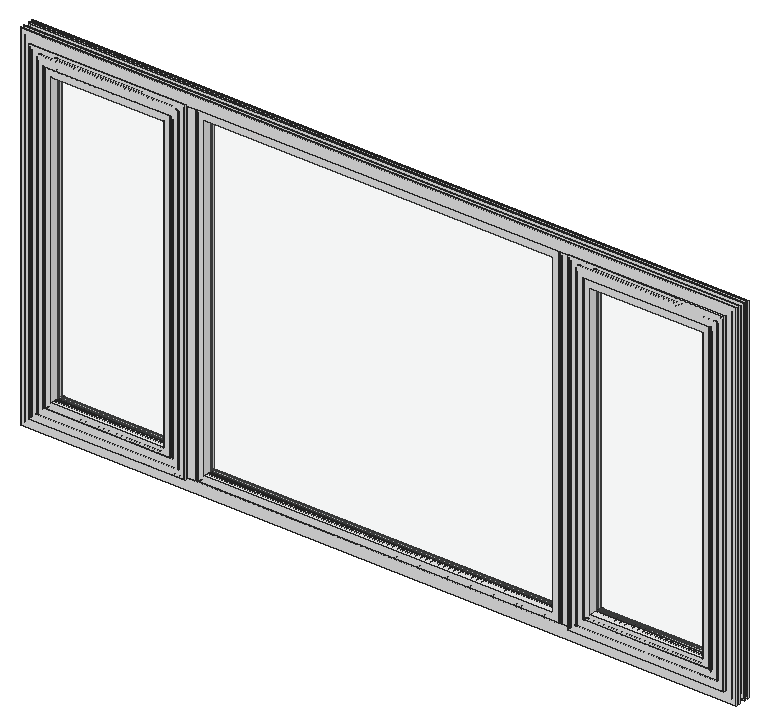
Revit family "Serene_T&T_Window_C_Standard", category Windows, host Wall, Revit 2014
Parameters (values of type "52TT-2412SS-2000Pa")
  Windload Design = if(Custom Windload < 1001 mm, 1000 mm, if(Custom Windload < 1501 mm, 1500 mm, 2000 mm))  # 2000 mm
  Width Sash [instance] = 522 mm
  Width = if(Custom Window Width > Limit Window Width Max, Limit Window Width Max, if(Custom Window Width < Limit Window Width Min, Limit Window Width Min, Custom Window Width))  # 2390 mm
  Wall Thickness [instance] = 200 mm
  URL = "http://www.crealco.co.za/crealco-products.php"
  Thermal Resistance (R) [instance] = if(IGDB or SAGDB Number = 1000015, 1.0000 (m²·K)/W / Clearvue U Value, if(IGDB or SAGDB Number = 9922, 1.0000 (m²·K)/W / Energy Advantage U Value, if(IGDB or SAGDB Number = 100100, 1.0000 (m²·K)/W / Intruderprufe U Value, if(IGDB or SAGDB Number = 103200, 1.0000 (m²·K)/W / Intruderprufe LowE U Value, if(IGDB or SAGDB Number = 105001, 1.0000 (m²·K)/W / Clearvue Insulated U Value, if(IGDB or SAGDB Number = 105002, 1.0000 (m²·K)/W / Clearvue Insulated LowE U Value, 1.0000 (m²·K)/W / 7.9)))))) * 1  # 0.126582 (m²·K)/W
  Solar Heat Gain Coefficient [instance] = if(IGDB or SAGDB Number = 1000015, Clearvue SHGC Value, if(IGDB or SAGDB Number = 9922, Energy Advantage SHGC Value, if(IGDB or SAGDB Number = 100100, Intruderprufe SHGC Value, if(IGDB or SAGDB Number = 103200, Intruderprufe LowE SHGC Value, if(IGDB or SAGDB Number = 105001, Clearvue Insulated SHGC Value, if(IGDB or SAGDB Number = 105002, Clearvue Insulated LowE SHGC Value, 0))))))  # 0
  Sash Width = if(Custom Sash Width > Limit Sash Width Max, Limit Sash Width Max, if(Custom Sash Width < Limit Sash Width Min, Limit Sash Width Min, Custom Sash Width))  # 522 mm
  Sash Overlap = 28 mm  # constant formula
  Sash Height = Height - (2 * Sash Edge Gap)  # 1122 mm
  Sash Frame Gasket = 3.4 mm  # constant formula
  Sash Edge Gap = 34 mm  # constant formula
  Overall Width [instance] = 2390 mm
  Overall Height [instance] = 1190 mm
  Mullion Side Spacing = Sash Edge Gap + Sash Width - Sash Overlap  # 528 mm
  Max System DG Unit Thickness = 20 mm  # constant formula
  Max System DG One Piece Thickness = rounddown((Max System DG Unit Thickness - 12 mm) / 2 mm) * 1 mm  # 4 mm
  Max Pane Area = if(Area Glazing Sash > Area Glazing Fixed Panel, Area Glazing Sash, Area Glazing Fixed Panel)  # 1.32088 m²
  Limit Fixed Panel Width Max = 1800 mm  # constant formula
  Limit Fixed Pane Height Min = 200 mm  # constant formula
  Intruderprufe U Value = 6.16
  Intruderprufe SHGC Value = 0.513
  Intruderprufe LowE U Value = 4.58
  Intruderprufe LowE SHGC Value = 0.455
  IGDB or SAGDB Number [instance] = 0
  Height Sash [instance] = 1122 mm
  Height = if(Custom Window Height > Limit Window Height Max, Limit Window Height Max, if(Custom Window Height < Limit Window Height Min, Limit Window Height Min, Custom Window Height))  # 1190 mm
  Heat Transfer Coefficient (U) [instance] = if(IGDB or SAGDB Number = 1000015, Clearvue U Value, if(IGDB or SAGDB Number = 9922, Energy Advantage U Value, if(IGDB or SAGDB Number = 100100, Intruderprufe U Value, if(IGDB or SAGDB Number = 103200, Intruderprufe LowE U Value, if(IGDB or SAGDB Number = 105001, Clearvue Insulated U Value, if(IGDB or SAGDB Number = 105002, Clearvue Insulated LowE U Value, 7.9)))))) * 1.0000 W/(m²·K)  # 7.9000 W/(m²·K)
  Glazing Material [instance] = if(IGDB or SAGDB Number = 1000015, "PFG CLEARVUE 4mm", if(IGDB or SAGDB Number = 9922, "PFG ENERGY ADVANTAGE 4mm LOW-E", if(IGDB or SAGDB Number = 100100, "PFG INTRUDERPRUFE 6.38mm", if(IGDB or SAGDB Number = 103200, "PFG INTRUDERPRUFE LOW-E 7.38mm", if(IGDB or SAGDB Number = 105001, "PFG 20mm CLEARVUE INSULATED GLASS", if(IGDB or SAGDB Number = 105002, "PFG 20mm CLEARVUE INSULATED GLASS LOW-E", "Unknown"))))))  # "Unknown"
  Glazing Code [instance] = if(IGDB or SAGDB Number = 1000015, "CF4", if(IGDB or SAGDB Number = 9922, "CF4E", if(IGDB or SAGDB Number = 100100, "LAM01", if(IGDB or SAGDB Number = 103200, "LAM01E", if(IGDB or SAGDB Number = 105001, "IGU20", if(IGDB or SAGDB Number = 105002, "IGU20E", "Unknown"))))))  # "Unknown"
  Frame Width = 62 mm  # constant formula
  Frame Thickness = 52 mm  # constant formula
  Frame Offset From Exterior [instance] = if(Centered In Wall, (Wall Thickness - Frame Thickness) / 2, Custom Window Exterior Offset)  # 74 mm
  Fixed Panel Width = Width - (2 * Sash Width) - (2 * Sash Edge Gap) - (33.6 mm * 2)  # 1210.8 mm
  Fixed Panel Height = Height - (2 mm * 40)  # 1110 mm
  Energy Advantage U Value = 5.31
  Energy Advantage SHGC Value = 0.497
  DG Thickness Calc = if(not(Max Pane Area > 1.125 m²), 4 mm, if(not(Max Pane Area > 2.25 m²), 4 mm, if(not(Max Pane Area > 3.15 m²), 5 mm, if(not(Max Pane Area > 4.35 m²), 6 mm, if(not(Max Pane Area > 6.45 m²), 8 mm, 10 mm)))))  # 4 mm
  DG Thickness [instance] = if(IGDB or SAGDB Number = 105001, 4 mm, if(IGDB or SAGDB Number = 105002, 4 mm, if(DG Thickness Calc > Max System DG One Piece Thickness, Max System DG One Piece Thickness, DG Thickness Calc)))  # 4 mm
  DG Gasket Tickness = 12 mm  # constant formula
  Custom Window Width = 2390 mm
  Custom Window Height = 1190 mm
  Custom Window Exterior Offset = 0 mm
  Custom Windload = 2000 mm
  Custom Sash Width = 522 mm
  Single Glazing [instance] = not(Double Glazing)  # yes
  SG Thickness [instance] = if(IGDB or SAGDB Number = 1000015, 4 mm, if(IGDB or SAGDB Number = 9922, 4 mm, if(IGDB or SAGDB Number = 100100, 6 mm, if(IGDB or SAGDB Number = 103200, 7 mm, if(not(Max Pane Area > 0.75 m²), 4 mm, if(not(Max Pane Area > 1.50 m²), 4 mm, if(not(Max Pane Area > 2.10 m²), 5 mm, if(not(Max Pane Area > 2.90 m²), 6.4 mm, if(not(Max Pane Area > 4.30 m²), 8 mm, 10 mm)))))))))  # 4 mm
  Model = "Serene"  # constant formula
  Manufacturer = "Crealco"  # constant formula
  Limit Window Width Min = Limit Fixed Panel Width Min + (2 * Sash Width) + (2 * Sash Edge Gap) + (2 mm * 33.6)  # 1379.2 mm
  Limit Window Width Max = Limit Fixed Panel Width Max + (2 * Sash Width) + (2 * Sash Edge Gap) + (2 mm * 33.6)  # 2979.2 mm
  Limit Window Height Min = Limit Sash Height Min + (2 * Sash Edge Gap)  # 368 mm
  Limit Window Height Max = Limit Sash Height Max + (2 * Sash Edge Gap)  # 1568 mm
  Limit Sash Width Min = 300 mm  # constant formula
  Limit Sash Width Max = 700 mm  # constant formula
  Limit Sash Height Min = 300 mm  # constant formula
  Limit Sash Height Max = 1500 mm  # constant formula
  Limit Fixed Panel Width Min = 200 mm  # constant formula
  Length Mullion = Height - (2 mm * 40)  # 1110 mm
  Glazing Finish [instance] = Glass
  Double Glazing [instance] = no
  Description = "Tilt and turn window, Type C"  # constant formula
  Default Sill Height = 800 mm
  Wall Closure = By host
  DG Gasket Finish = Double Glazing Gasket Material
  Clearvue U Value = 6.28
  Clearvue SHGC Value = 0.553
  Clearvue Insulated U Value = 4.27
  Clearvue Insulated SHGC Value = 0.4889
  Clearvue Insulated LowE U Value = 3.81
  Clearvue Insulated LowE SHGC Value = 0.446
  Centered In Wall = yes
  Area Glazing Sash = (Sash Width - (2 mm * 50.2)) * (Sash Height - (2 mm * 50.2))  # 0.430707 m²
  Area Glazing Fixed Panel = (Fixed Panel Width - 10 mm) * (Fixed Panel Height - 10 mm)  # 1.32088 m²
  Aluminium Finish [instance] = White Powder Coated Aluminium
  All Available Glazing Numbers [instance] = "The rows below list the available glazing materials for this window:"  # constant formula
  9922 [instance] = "CF4E"  # constant formula
  105002 [instance] = "IGU20E"  # constant formula
  105001 [instance] = "IGU20"  # constant formula
  103200 [instance] = "LAM01E"  # constant formula
  100100 [instance] = "LAM01"  # constant formula
  1000015 [instance] = "CF4"  # constant formula
Reference planes
  plane 1 "Center (Front/Back)": y = 0
  plane 2 "Center (Left/Right)": x = 0
  plane 3 "Left": x = -1195
  plane 4 "Right": x = 1195
  plane 5 "Sill": z = 800
  plane 6 "Head": z = 1990
  plane 7 "Exterior": y = 100
  plane 8 "Interior": y = -100
  plane 9: y = 0
Lines and regions (mm)
  Opening 1
    outline origin (3500, -100, 0) x (1, 0, 0) y (0, 0, 1)
      loop
        line (-2305, 800) -> (-2305, 1990) -> (-4695, 1990) -> (-4695, 800) -> (-2305, 800)
Text (mm)
  text "EXTERIOR" at (-1963.203, 1332.353, 0), in view "Ref. Level"
  text "INTERIOR" at (-1981.466, -818.386, 0), in view "Ref. Level"
  text "Exterior" at (0, 923.751, 2943.296), in view "Right"
  text "Exterior" at (0, 1040.484, 2685.409), in view "Left"
Dimensions and locks
  equal spacing: plane 3 "Left", plane 2 "Center (Left/Right)", plane 4 "Right"
  "Width": plane 3 "Left" to plane 4 "Right"
  "Height": plane 5 "Sill" to plane 6 "Head"
  "Default Sill Height": plane 5 "Sill" to level
  locked: plane 7 "Exterior" to host wall at 0
  locked: plane 8 "Interior" to host wall
  "Overall Height": plane 5 "Sill" to plane 6 "Head"
  "Overall Width": plane 3 "Left" to plane 4 "Right"
  "Frame Offset From Exterior": nested 1 to plane 7 "Exterior"
  "Wall Thickness": host wall to host wall
  "Sash Edge Gap": plane 6 "Head" to nested 3
  "Sash Frame Gasket": nested 3 to nested 1
  "Sash Edge Gap": nested 3 to plane 4 "Right"
  "Width Sash": nested 3 to nested 3
  "Height Sash": nested 3 to nested 3
  "Sash Edge Gap": plane 3 "Left" to nested 6
  "Sash Frame Gasket": nested 6 to nested 1
  "Sash Edge Gap": plane 5 "Sill" to nested 6
  aligned and locked: plane 9 to host wall
  aligned and locked: nested 1 to plane 4 "Right"
  aligned and locked: nested 1 to plane 6 "Head"
  aligned and locked: nested 2 to nested 1
  aligned and locked: nested 1 to nested 4
  aligned and locked: nested 4 to nested 1
  aligned and locked: nested 4 to nested 2
  aligned and locked: nested 1 to nested 5
  aligned and locked: nested 5 to nested 4
  aligned and locked: nested 2 to nested 5
  aligned and locked: nested 2 to nested 3
Automatic sketch dimensions
  Opening 1 sketch curve to plane 3 "Left" = 0 mm
  Opening 1 sketch curve to plane 4 "Right" = 0 mm
  Opening 1 sketch curve to plane 5 "Sill" = 0 mm
  Opening 1 sketch curve to plane 6 "Head" = 0 mm
Nested families
  nested 1: "Serene_Frame_Rounded_Ext_52mm_C_Std" at (-1195, -26, 800), Frame Width <- "Width", Frame Height <- "Height", Profile Material <- "Aluminium Finish", type "Serene_Frame_Rounded_Ext_52mm_C_Std"
    with Profile Material White Powder Coated Aluminium, Frame Width 2390 mm, Frame Height 1190 mm
  nested 2: "Serene_Mullion_44mm_Flat_C_Std" at (672.15, -33.553, 840) x (0, 1, 0) z (0, 0, 1), Length Mullion <- "Length Mullion", Profile Material <- "Aluminium Finish", type "Serene_Mullion_44mm_Flat_C_Std"
    with Profile Material White Powder Coated Aluminium, Length Mullion 1110 mm
  nested 3: "Serene_Sash_Open_In_72mm_C_Std" at (1161, -32.8, 834) x (-1, 0, 0) z (0, 0, 1), Profile Material <- "Aluminium Finish", Glazing Material <- "Glazing Finish", Double Glazing Gasket Material <- "DG Gasket Finish", Width Sash <- "Sash Width", Height Sash <- "Sash Height", SG Glazing Thickness <- "SG Thickness", DG Glazing Thickness <- "DG Thickness", DG Gasket Thickness <- "DG Gasket Tickness", Double Glazing <- "Double Glazing", Single Glazing <- "Single Glazing", type "Serene_Sash_Open_In_72mm_C_Std"
    with Width Sash 522 mm, Width Bead 422 mm, Tilt yes, Single Glazing yes, SG Offset 32.25 mm, SG Glazing Thickness 4 mm, Right Hinged yes, Profile Material White Powder Coated Aluminium, Left Hinged no, Height Sash 1122 mm, Height Bead 1022 mm, Glazing Width 421.6 mm, Glazing Material Glass, Glazing Height 1021.6 mm, Double Glazing Gasket Material Double Glazing Gasket Material, Double Glazing no, DG Offset 18.75 mm, DG Glazing Thickness 4 mm, DG Gasket Thickness 12 mm
  nested 4: "Serene_Fixed_Panel_C_Std" at (-605.4, -26, 840), Profile Material <- "Aluminium Finish", Glazing Material <- "Glazing Finish", Double Glazing Gasket Material <- "DG Gasket Finish", SG Thickness <- "SG Thickness", Fixed Panel Width <- "Fixed Panel Width", Fixed Panel Height <- "Fixed Panel Height", DG Thickness <- "DG Thickness", Single Glazing <- "Single Glazing", Double Glazing <- "Double Glazing", type "Serene_Fixed_Panel_C_Std"
    with Single Glazing yes, SG Thickness 4 mm, SG Space Available 13 mm, SG Offset 4.5 mm, Profile Material White Powder Coated Aluminium, Glazing Width 1200.8 mm, Glazing Material Glass, Glazing Height 1100 mm, Fixed Panel Width 1210.8 mm, Fixed Panel Height 1110 mm, Double Glazing Gasket Material Double Glazing Gasket Material, Double Glazing no, DG Thickness 4 mm, DG Space Available 24 mm, DG Offset 2 mm, DG Gasket Thickness 12 mm
  nested 5: "Serene_Mullion_44mm_Flat_C_Std" at (-578.651, -33.553, 840) x (0, 1, 0) z (0, 0, 1), Length Mullion <- "Length Mullion", Profile Material <- "Aluminium Finish", type "Serene_Mullion_44mm_Flat_C_Std"
    with Profile Material White Powder Coated Aluminium, Length Mullion 1110 mm
  nested 6: "Serene_Sash_Open_In_72mm_C_Std" at (-639, -32.8, 834) x (-1, 0, 0) z (0, 0, 1), Profile Material <- "Aluminium Finish", Glazing Material <- "Glazing Finish", Double Glazing Gasket Material <- "DG Gasket Finish", Width Sash <- "Sash Width", Height Sash <- "Sash Height", SG Glazing Thickness <- "SG Thickness", DG Glazing Thickness <- "DG Thickness", DG Gasket Thickness <- "DG Gasket Tickness", Double Glazing <- "Double Glazing", Single Glazing <- "Single Glazing", type "Serene_Sash_Open_In_72mm_C_Std"
    with Width Sash 522 mm, Width Bead 422 mm, Tilt yes, Single Glazing yes, SG Offset 32.25 mm, SG Glazing Thickness 4 mm, Right Hinged no, Profile Material White Powder Coated Aluminium, Left Hinged yes, Height Sash 1122 mm, Height Bead 1022 mm, Glazing Width 421.6 mm, Glazing Material Glass, Glazing Height 1021.6 mm, Double Glazing Gasket Material Double Glazing Gasket Material, Double Glazing no, DG Offset 18.75 mm, DG Glazing Thickness 4 mm, DG Gasket Thickness 12 mm
  nested 7: "Serene_Single_Glazing_Tilt_&_Turn_C_Std" at (1110.8, 3.45, 884.2), type "Serene_Single_Glazing_Tilt_&_Turn_C_Std"
    with Tilt yes, Right Hinged yes, Left Hinged no, Half Width 210.8 mm, Half Height 510.8 mm, Glazing Width 421.6 mm, Glazing Thickness SG 4 mm, Glazing Material Glass, Glazing Height 1021.6 mm
  nested 8: "Serene_Single_Glazing_Fixed_C_Std" at (600.4, 10, 845), type "Serene_Single_Glazing_Fixed_C_Std"
    with Glazing Width 1200.8 mm, Glazing Thickness SG 4 mm, Glazing Material Glass, Glazing Height 1100 mm
  nested 9: "Serene_Single_Glazing_Tilt_&_Turn_C_Std" at (-689.2, 3.45, 884.2), type "Serene_Single_Glazing_Tilt_&_Turn_C_Std"
    with Tilt yes, Right Hinged no, Left Hinged yes, Half Width 210.8 mm, Half Height 510.8 mm, Glazing Width 421.6 mm, Glazing Thickness SG 4 mm, Glazing Material Glass, Glazing Height 1021.6 mm
Definition of nested family "Serene_Frame_Rounded_Ext_52mm_C_Std"
  Parameters (values of type "Serene_Frame_Rounded_Ext_52mm")
    Profile Material [instance] = none
    Frame Width [instance] = 600 mm
    Frame Height [instance] = 900 mm
  Reference planes
    plane 1 "Center (Front/Back)": y = 0
    plane 2: z = 0
    plane 3 "Center (Left/Right)": x = 0
  Forms (mm)
    Sweep 1, solid, material <- "Profile Material"
      path origin (0, 0, 0) x (1, 0, 0) y (0, 0, 1)
        loop
          line (0, 0) -> (600, 0) -> (600, 900) -> (0, 900) -> (0, 0)
      profile origin (300, 0, 0) x (0, 0, 1) y (0, -1, 0)
        loop
          line (32.05, -9) -> (32.05, -8) -> (33.7, -8) -> (33.7, -1.3) -> (15.1, -1.3) -> (15.1, -8) -> (16.75, -8) -> (16.75, -9) -> (15.1, -9) -> (15.1, -42.5) -> (16.75, -42.5) -> (16.75, -43.5) -> (15.1, -43.5) -> (15.1, -50.7) -> (33.7, -50.7) -> (33.7, -43.5) -> (32.05, -43.5) -> (32.05, -42.5) -> (33.7, -42.5) -> (33.7, -9) -> (32.05, -9)
        loop
          arc (52.4, -49.7) -> (52.107, -48.993) -> (51.4, -48.7) r 1
          line (51.4, -48.7) -> (50.4, -48.7)
          arc (50.4, -48.7) -> (49.9, -49.2) -> (50.4, -49.7) r 0.5
          line (50.4, -49.7) -> (51.2, -49.7) -> (51.2, -50.7) -> (35, -50.7) -> (35, -49.7) -> (36, -49.7)
          arc (36, -49.7) -> (36.5, -49.2) -> (36, -48.7) r 0.5
          line (36, -48.7) -> (35, -48.7) -> (35, -35.9) -> (40, -35.9) -> (40, -32.956) -> (38.5, -31.79) -> (38.5, -34.6) -> (35, -34.6) -> (35, -21.1) -> (38.5, -21.1) -> (38.5, -26.41) -> (40, -25.244) -> (40, -18.807) -> (38, -17.818) -> (38, -19.5) -> (35, -19.5) -> (35, -1.5) -> (38, -1.5) -> (38, -4.182) -> (40, -3.193) -> (40, 0) -> (0, 0) -> (0, -2.7) -> (1.3, -2.7) -> (1.3, -1.5) -> (13.8, -1.5) -> (13.8, -13.05) -> (0, -13.05) -> (0, -16.05) -> (1.3, -16.05) -> (1.3, -14.35) -> (13.8, -14.35) -> (13.8, -37.65) -> (1.3, -37.65) -> (1.3, -35.95) -> (0, -35.95) -> (0, -38.95) -> (13.8, -38.95) -> (13.8, -50.5) -> (1.3, -50.5) -> (1.3, -49.3) -> (0, -49.3) -> (0, -52) -> (58, -52)
          arc (58, -52) -> (60.828, -50.828) -> (62, -48) r 4
          line (62, -48) -> (62, -40.5) -> (59.5, -40.5) -> (59.5, -41.7) -> (60.7, -41.7) -> (60.7, -43.7) -> (55.5, -43.7) -> (55.5, -41.7) -> (56.7, -41.7) -> (56.7, -40.5) -> (54.2, -40.5) -> (54.2, -44)
          arc (54.2, -44) -> (54.493, -44.707) -> (55.2, -45) r 1
          line (55.2, -45) -> (60.7, -45) -> (60.7, -48)
          arc (60.7, -48) -> (59.909, -49.909) -> (58, -50.7) r 2.7
          line (58, -50.7) -> (52.4, -50.7) -> (52.4, -49.7)
  Lines and regions (mm)
    model lines, style "GenericModel"
      curve 1: line (600, 52, 900) -> (541.992, 52, 841.992)
      curve 2: line (0, 52, 900) -> (58.006, 52, 841.994)
      curve 3: line (0, 52, 0) -> (58.008, 52, 58.008)
      curve 4: line (600, 52, 0) -> (541.992, 52, 58.008)
      curve 5: line (0, 0, 900) -> (40, 0, 860)
      curve 6: line (600, 0, 900) -> (560, 0, 860)
      curve 7: line (600, 0, 0) -> (560, 0, 40)
      curve 8: line (0, 0, 0) -> (40, 0, 40)
  Dimensions and locks
    "Frame Width": Sweep 1 sketch curve to Sweep 1 sketch curve
    "Frame Height": Sweep 1 sketch curve to Sweep 1 sketch curve
    aligned and locked: level to plane 2
  Automatic sketch dimensions
    Sweep 1 sketch curve to Sweep 1 sketch curve = 0 mm  (x9)
    Sweep 1 sketch curve to profile plane = 0 mm  (x4)
    Sweep 1 sketch curve to Sweep 1 sketch curve = 1.3 mm  (x13)
    Sweep 1 sketch curve to Sweep 1 sketch curve = 12.5 mm  (x2)
    Sweep 1 sketch curve to Sweep 1 sketch curve = 1.65 mm  (x4)
    Sweep 1 sketch curve to Sweep 1 sketch curve = 15.3 mm  (x2)
    Sweep 1 sketch curve to Sweep 1 sketch curve = 1 mm  (x10)
    Sweep 1 sketch curve to Sweep 1 sketch curve = 3 mm  (x3)
    Sweep 1 sketch curve to Sweep 1 sketch curve = 0.5 mm  (x2)
    Sweep 1 sketch curve to Sweep 1 sketch curve = 3.5 mm
    Sweep 1 sketch curve to Sweep 1 sketch curve = 2 mm  (x3)
    Sweep 1 sketch curve to Sweep 1 sketch curve = 1.5 mm  (x3)
    Sweep 1 sketch curve to Sweep 1 sketch curve = 14.4 mm
    Sweep 1 sketch curve to Sweep 1 sketch curve = 0.8 mm
    Sweep 1 sketch curve to Sweep 1 sketch curve = 0.2 mm  (x3)
    Sweep 1 sketch curve to Sweep 1 sketch curve = 2.8 mm  (x3)
    Sweep 1 sketch curve to Sweep 1 sketch curve = 0.3 mm
    Sweep 1 sketch curve to Sweep 1 sketch curve = 1.2 mm  (x6)
    Sweep 1 sketch curve to plane 1 "Center (Front/Back)" = 52 mm
    Sweep 1 sketch curve to Sweep 1 sketch curve = 5.2 mm
    Sweep 1 sketch curve to Sweep 1 sketch curve = 7 mm
    Sweep 1 sketch curve to Sweep 1 sketch curve = 10.35 mm  (x2)
    Sweep 1 sketch curve to Sweep 1 sketch curve = 1.7 mm  (x2)
    Sweep 1 sketch curve to Sweep 1 sketch curve = 6.6 mm
    Sweep 1 sketch curve to Sweep 1 sketch curve = 1.644 mm
    Sweep 1 sketch curve to Sweep 1 sketch curve = 1.167 mm  (x2)
    Sweep 1 sketch curve to Sweep 1 sketch curve = 5.379 mm
    Sweep 1 sketch curve to Sweep 1 sketch curve = 4.144 mm
    Sweep 1 sketch curve to Sweep 1 sketch curve = 1.6 mm
    Sweep 1 sketch curve to Sweep 1 sketch curve = 0.693 mm
    Sweep 1 sketch curve to Sweep 1 sketch curve = 1.682 mm
    Sweep 1 sketch curve to Sweep 1 sketch curve = 19.9 mm
    Sweep 1 sketch curve to Sweep 1 sketch curve = 8.818 mm
    Sweep 1 sketch curve to Sweep 1 sketch curve = 4.05 mm
    Sweep 1 sketch curve to Sweep 1 sketch curve = 3.818 mm
    Sweep 1 sketch curve to Sweep 1 sketch curve = 0.99 mm
    Sweep 1 sketch curve to Sweep 1 sketch curve = 6.5 mm
    Sweep 1 sketch curve to Sweep 1 sketch curve = 1.693 mm
    curve 1 to Sweep 1 = 0 mm
    Sweep 1 to curve 1 = 0 mm
    curve 2 to Sweep 1 = 0 mm  (x2)
    curve 3 to Sweep 1 = 0 mm  (x2)
    curve 4 to Sweep 1 = 0 mm  (x2)
    curve 2 to Sweep 1 = 0.006 mm  (x2)
    curve 3 to Sweep 1 = 0.008 mm  (x2)
    curve 1 to Sweep 1 = 0.008 mm  (x2)
    curve 4 to Sweep 1 = 0.008 mm  (x2)
    curve 5 to Sweep 1 = 0 mm  (x4)
    curve 6 to Sweep 1 = 0 mm  (x4)
    curve 7 to Sweep 1 = 0 mm  (x3)
    Sweep 1 to curve 7 = 0 mm
    curve 8 to Sweep 1 = 0 mm  (x3)
    Sweep 1 to curve 8 = 0 mm
    Sweep 1 sketch curve to plane 3 "Center (Left/Right)" = 0 mm
    Sweep 1 sketch curve to level = 0 mm
Definition of nested family "Serene_Mullion_44mm_Flat_C_Std"
  Parameters (values of type "Serene_Mullion_44mm_Flat")
    Profile Material [instance] = none
    Length Mullion [instance] = 250 mm
    Length Cut = 22 mm
  Reference planes
    plane 1 "Center (Front/Back)": y = 0
    plane 2: z = 0
    plane 3 "Center (Left/Right)": x = 0
  Forms (mm)
    Extrusion 1, solid, material <- "Profile Material"
      sketch origin (0, 0, 0) x (1, 0, 0) y (0, 1, 0)
        loop
          line (9.056, 33.15) -> (50.755, 33.15) -> (50.755, 60.35) -> (9.056, 60.35) -> (9.056, 33.15)
        loop
          line (52.256, 88.75) -> (48.053, 88.75) -> (48.053, 86.25) -> (49.253, 86.25) -> (49.253, 87.45) -> (50.757, 87.45) -> (50.757, 82.25) -> (49.253, 82.25) -> (49.253, 83.45) -> (48.053, 83.45) -> (48.053, 80.95) -> (50.755, 80.95) -> (50.755, 61.75) -> (43.453, 61.75) -> (43.453, 66.75) -> (40.51, 66.75) -> (39.343, 65.25) -> (42.153, 65.25) -> (42.153, 61.75) -> (28.653, 61.75) -> (28.653, 65.25) -> (33.964, 65.25) -> (32.797, 66.75) -> (26.361, 66.75) -> (25.371, 64.75) -> (27.053, 64.75) -> (27.053, 61.75) -> (9.053, 61.75) -> (9.053, 64.75) -> (11.736, 64.75) -> (10.746, 66.75) -> (7.553, 66.75) -> (7.553, 26.749) -> (10.746, 26.749) -> (11.736, 28.749) -> (9.053, 28.749) -> (9.053, 31.749) -> (27.053, 31.749) -> (27.053, 28.749) -> (25.371, 28.749) -> (26.361, 26.749) -> (32.797, 26.749) -> (33.964, 28.249) -> (28.653, 28.249) -> (28.653, 31.749) -> (42.153, 31.749) -> (42.153, 28.249) -> (39.343, 28.249) -> (40.51, 26.749) -> (43.453, 26.749) -> (43.453, 31.749) -> (50.755, 31.749) -> (50.755, 12.55) -> (48.053, 12.55) -> (48.053, 10.05) -> (49.253, 10.05) -> (49.253, 11.25) -> (50.757, 11.25) -> (50.757, 6.05) -> (49.253, 6.05) -> (49.253, 7.25) -> (48.053, 7.25) -> (48.053, 4.75) -> (52.256, 4.75) -> (52.256, 88.75)
      from 0 to 250 <- "Length Mullion"
    Extrusion 2, void
      sketch origin (0, 0, 250) x (0, 1, 0) y (1, 0, 0)
        loop
          line (88.75, 48.053) -> (88.75, 52.256) -> (4.75, 52.256) -> (4.75, 48.053) -> (88.75, 48.053)
      from 0 to 22 <- "Length Cut"
    Extrusion 3, void
      sketch origin (0, 0, 0) x (1, 0, 0) y (0, 1, 0)
        loop
          line (48.053, 4.75) -> (52.256, 4.75) -> (52.256, 88.75) -> (48.053, 88.75) -> (48.053, 4.75)
      from 0 to 22 <- "Length Cut"
  Cuts and joins
    Extrusion 2, Extrusion 3 cuts Extrusion 1
  Dimensions and locks
    aligned and locked: level to plane 2
Definition of nested family "Serene_Sash_Open_In_72mm_C_Std"
  Parameters (values of type "Serene_Sash_Open_In_72mm")
    Width Sash [instance] = 600 mm
    Width Bead [instance] = Width Sash - (Bead Edge Offset * 2)  # 500 mm
    Tilt [instance] = yes
    Single Glazing [instance] = yes
    SG Offset [instance] = Rear Glazing Channel Offset - SG Available Space + ((SG Available Space - SG Glazing Thickness) / 2)  # 32.25 mm
    SG Glazing Thickness [instance] = 4 mm
    SG Available Space = 13.5 mm  # constant formula
    Right Hinged [instance] = yes
    Rear Glazing Channel Offset = 41 mm  # constant formula
    Profile Material [instance] = none
    Left Hinged [instance] = yes
    Height Sash [instance] = 900 mm
    Height Bead [instance] = Height Sash - (Bead Edge Offset * 2)  # 800 mm
    Glazing Width [instance] = Width Sash - (Glazing Edge Offset * 2)  # 499.6 mm
    Glazing Material [instance] = Glass
    Glazing Height [instance] = Height Sash - (Glazing Edge Offset * 2)  # 799.6 mm
    Glazing Edge Offset = 50.2 mm  # constant formula
    Double Glazing Gasket Material [instance] = none
    Double Glazing [instance] = yes
    DG Offset [instance] = Rear Glazing Channel Offset - DG Available Space + ((DG Available Space - DG Gasket Thickness - (2 * DG Glazing Thickness)) / 2)  # 18.75 mm
    DG Glazing Thickness [instance] = 4 mm
    DG Gasket Thickness [instance] = 12 mm
    DG Available Space = 24.5 mm  # constant formula
    Bead Edge Offset = 50 mm  # constant formula
  Reference planes
    plane 1 "Center (Front/Back)": y = 0
    plane 2: z = 0
    plane 3 "Center (Left/Right)": x = 0
  Forms (mm)
    Sweep 1, solid, material <- "Profile Material"
      path origin (0, 0, 0) x (1, 0, 0) y (0, 0, 1)
        loop
          line (0, 0) -> (600, 0) -> (600, 900) -> (0, 900) -> (0, 0)
      profile origin (300, 0, 0) x (0, 0, 1) y (0, -1, 0)
        loop
          line (21.76, 25.1) -> (23.96, 25.1) -> (23.96, 10.1) -> (21.76, 10.1) -> (21.76, 7.4) -> (18.76, 7.4) -> (18.76, 10.524) -> (17.46, 9.224) -> (17.46, 7.1)
          arc (17.46, 7.1) -> (17.753, 6.393) -> (18.46, 6.1) r 1
          line (18.46, 6.1) -> (23.96, 6.1) -> (23.96, 3.4) -> (22.8, 3.4)
          arc (22.8, 3.4) -> (22.3, 2.9) -> (22.8, 2.4) r 0.5
          line (22.8, 2.4) -> (23.96, 2.4) -> (23.96, 1.3) -> (7.7, 1.3) -> (7.7, 2.4) -> (8.5, 2.4) -> (8.5, 3.4) -> (5.3, 3.4) -> (5.3, 2.4) -> (6.6, 2.4) -> (6.6, 1.1) -> (1.2, 1.1) -> (1.2, 2.4) -> (2.5, 2.4) -> (2.5, 3.4) -> (0, 3.4) -> (0, 0) -> (49.96, 0) -> (49.96, 3.18) -> (48.16, 4.22) -> (48.16, 1.5) -> (45.16, 1.5) -> (45.16, 20.1) -> (48.16, 20.1) -> (48.16, 17.88) -> (49.96, 18.92) -> (49.96, 21.6) -> (45.16, 21.6) -> (45.16, 40) -> (37.96, 47) -> (37.96, 50.7) -> (43.96, 50.7) -> (43.96, 49.3)
          arc (43.96, 49.3) -> (44.253, 48.593) -> (44.96, 48.3) r 1
          line (44.96, 48.3) -> (46.21, 48.3)
          arc (46.21, 48.3) -> (46.71, 48.8) -> (46.21, 49.3) r 0.5
          line (46.21, 49.3) -> (44.96, 49.3) -> (44.96, 50.7) -> (61.46, 50.7) -> (61.46, 49.3) -> (60.21, 49.3)
          arc (60.21, 49.3) -> (59.71, 48.8) -> (60.21, 48.3) r 0.5
          line (60.21, 48.3) -> (61.46, 48.3)
          arc (61.46, 48.3) -> (62.167, 48.593) -> (62.46, 49.3) r 1
          line (62.46, 49.3) -> (62.46, 50.7) -> (66.96, 50.7)
          arc (66.96, 50.7) -> (69.576, 49.616) -> (70.66, 47) r 3.7
          line (70.66, 47) -> (70.66, 45.5) -> (64.16, 45.5) -> (64.16, 41) -> (66.66, 41) -> (66.66, 42.2) -> (65.46, 42.2) -> (65.46, 44.2) -> (70.66, 44.2) -> (70.66, 42.2) -> (69.46, 42.2) -> (69.46, 41) -> (71.96, 41) -> (71.96, 47)
          arc (71.96, 47) -> (70.496, 50.536) -> (66.96, 52) r 5
          line (66.96, 52) -> (33.006, 52) -> (33.006, 50.7) -> (34.46, 50.7) -> (36.66, 50.7) -> (36.66, 47.3) -> (26.46, 47.3) -> (23.536, 47.3) -> (24.836, 46) -> (26.96, 46) -> (26.96, 35.2) -> (23.935, 35.2) -> (18.293, 34.246)
          arc (18.293, 34.246) -> (17.696, 33.906) -> (17.46, 33.26) r 1
          line (17.46, 33.26) -> (17.46, 25.976) -> (18.76, 24.676) -> (18.76, 27.3) -> (21.76, 27.3) -> (21.76, 25.1)
        loop
          line (43.86, 33.9) -> (42.16, 33.9) -> (42.16, 35.2) -> (43.86, 35.2) -> (43.86, 39.451) -> (37.124, 46) -> (28.26, 46) -> (28.26, 34.9)
          arc (28.26, 34.9) -> (27.967, 34.193) -> (27.26, 33.9) r 1
          line (27.26, 33.9) -> (24.094, 33.9) -> (18.76, 33.007) -> (18.76, 28.6) -> (22.06, 28.6)
          arc (22.06, 28.6) -> (22.767, 28.307) -> (23.06, 27.6) r 1
          line (23.06, 27.6) -> (23.06, 26.4) -> (24.26, 26.4)
          arc (24.26, 26.4) -> (24.967, 26.107) -> (25.26, 25.4) r 1
          line (25.26, 25.4) -> (25.26, 24.337) -> (25.26, 9.8)
          arc (25.26, 9.8) -> (24.967, 9.093) -> (24.26, 8.8) r 1
          line (24.26, 8.8) -> (23.06, 8.8) -> (23.06, 7.4) -> (24.26, 7.4)
          arc (24.26, 7.4) -> (24.967, 7.107) -> (25.26, 6.4) r 1
          line (25.26, 6.4) -> (25.26, 1.3) -> (43.86, 1.3) -> (43.86, 33.9)
  Lines and regions (mm)
    model lines, style "GenericModel"
      curve 1: line (600, 0, 900) -> (550.04, 0, 850.04)
      curve 2: line (0, 0, 900) -> (49.96, 0, 850.04)
      curve 3: line (0, 0, 0) -> (49.96, 0, 49.96)
      curve 4: line (600, 0, 0) -> (550.04, 0, 49.96)
      curve 5: line (33.953, -50.7, 866.047) -> (66.968, -50.7, 833.032)
      curve 6: line (566.047, -50.7, 866.047) -> (533, -50.7, 833)
      curve 7: line (566.047, -50.7, 33.953) -> (533.032, -50.7, 66.968)
      curve 8: line (33.953, -50.7, 33.953) -> (66.968, -50.7, 66.968)
      curve 9: line (33.006, -52, 866.994) -> (66.968, -52, 833.032)
      curve 10: line (566.994, -52, 866.994) -> (533, -52, 833)
      curve 11: line (33.006, -52, 33.006) -> (66.968, -52, 66.968)
      curve 12: line (566.994, -52, 33.006) -> (533.032, -52, 66.968)
      curve 13: line (23.536, -47.3, 876.464) -> (33.006, -47.3, 866.994)
      curve 14: line (576.464, -47.3, 876.464) -> (566.994, -47.3, 866.994)
      curve 15: line (576.464, -47.3, 23.536) -> (566.994, -47.3, 33.006)
      curve 16: line (23.536, -47.3, 23.536) -> (33.006, -47.3, 33.006)
  Dimensions and locks
    "Width Sash": Sweep 1 sketch curve to Sweep 1 sketch curve
    "Height Sash": Sweep 1 sketch curve to Sweep 1 sketch curve
    "Bead Edge Offset": nested 1 to plane 2
    "Bead Edge Offset": nested 2 to plane 2
    "Bead Edge Offset": plane 3 "Center (Left/Right)" to nested 1
    "Bead Edge Offset": plane 3 "Center (Left/Right)" to nested 2
    "Glazing Edge Offset": plane 3 "Center (Left/Right)" to nested 3
    "Glazing Edge Offset": nested 3 to plane 2
    "SG Offset": nested 3 to plane 1 "Center (Front/Back)"
    "DG Offset": nested 4 to plane 1 "Center (Front/Back)"
    "Glazing Edge Offset": plane 3 "Center (Left/Right)" to nested 4
    "Glazing Edge Offset": nested 4 to level
    aligned and locked: level to plane 2
    aligned and locked: nested 1 to plane 1 "Center (Front/Back)"
    aligned and locked: nested 2 to plane 1 "Center (Front/Back)"
  Automatic sketch dimensions
    curve 1 to Sweep 1 = 0 mm  (x3)
    Sweep 1 to curve 1 = 0 mm
    curve 2 to Sweep 1 = 0 mm  (x3)
    Sweep 1 to curve 2 = 0 mm
    curve 3 to Sweep 1 = 0 mm  (x4)
    curve 4 to Sweep 1 = 0 mm  (x4)
    curve 8 to Sweep 1 = 30.308 mm  (x2)
    curve 5 to Sweep 1 = 30.308 mm  (x2)
    curve 6 to Sweep 1 = 30.34 mm  (x2)
    curve 7 to Sweep 1 = 30.308 mm  (x2)
    Sweep 1 sketch curve to Sweep 1 sketch curve = 0 mm  (x12)
    Sweep 1 sketch curve to plane 1 "Center (Front/Back)" = 0 mm
    profile plane to Sweep 1 sketch curve = 0 mm
    Sweep 1 sketch curve to profile plane = 1.2 mm
    Sweep 1 sketch curve to Sweep 1 sketch curve = 1.3 mm  (x21)
    Sweep 1 sketch curve to Sweep 1 sketch curve = 2.8 mm  (x2)
    Sweep 1 sketch curve to Sweep 1 sketch curve = 1.1 mm  (x2)
    Sweep 1 sketch curve to Sweep 1 sketch curve = 0.8 mm
    Sweep 1 sketch curve to profile plane = 17.46 mm
    Sweep 1 sketch curve to Sweep 1 sketch curve = 8.96 mm
    Sweep 1 sketch curve to Sweep 1 sketch curve = 0.833 mm
    Sweep 1 sketch curve to Sweep 1 sketch curve = 0.167 mm
    Sweep 1 sketch curve to Sweep 1 sketch curve = 1 mm  (x10)
    Sweep 1 sketch curve to Sweep 1 sketch curve = 3 mm  (x4)
    Sweep 1 sketch curve to Sweep 1 sketch curve = 0.3 mm  (x6)
    plane 1 "Center (Front/Back)" to Sweep 1 sketch curve = 3.4 mm
    Sweep 1 sketch curve to Sweep 1 sketch curve = 1.04 mm
    Sweep 1 sketch curve to Sweep 1 sketch curve = 5.242 mm
    Sweep 1 sketch curve to Sweep 1 sketch curve = 5.175 mm
    Sweep 1 sketch curve to Sweep 1 sketch curve = 0.9 mm
    Sweep 1 sketch curve to Sweep 1 sketch curve = 1.16 mm
    Sweep 1 sketch curve to Sweep 1 sketch curve = 0.158 mm
    Sweep 1 sketch curve to Sweep 1 sketch curve = 1.2 mm  (x6)
    Sweep 1 sketch curve to Sweep 1 sketch curve = 1.624 mm
    Sweep 1 sketch curve to Sweep 1 sketch curve = 0.5 mm  (x3)
    Sweep 1 sketch curve to Sweep 1 sketch curve = 4.746 mm
    Sweep 1 sketch curve to Sweep 1 sketch curve = 1.454 mm
    Sweep 1 sketch curve to Sweep 1 sketch curve = 2.2 mm
    Sweep 1 sketch curve to Sweep 1 sketch curve = 0.464 mm
    Sweep 1 sketch curve to Sweep 1 sketch curve = 0.836 mm
    Sweep 1 sketch curve to Sweep 1 sketch curve = 5.036 mm
    plane 1 "Center (Front/Back)" to Sweep 1 sketch curve = 1.3 mm
    Sweep 1 sketch curve to Sweep 1 sketch curve = 18.6 mm
    Sweep 1 sketch curve to Sweep 1 sketch curve = 1.7 mm
    Sweep 1 sketch curve to Sweep 1 sketch curve = 6 mm
    Sweep 1 sketch curve to Sweep 1 sketch curve = 1.25 mm  (x2)
    plane 1 "Center (Front/Back)" to Sweep 1 sketch curve = 17.88 mm
    plane 1 "Center (Front/Back)" to Sweep 1 sketch curve = 18.92 mm
    Sweep 1 sketch curve to Sweep 1 sketch curve = 1.8 mm  (x2)
    Sweep 1 sketch curve to Sweep 1 sketch curve = 14 mm
    Sweep 1 sketch curve to Sweep 1 sketch curve = 2.7 mm  (x2)
    Sweep 1 sketch curve to Sweep 1 sketch curve = 1.5 mm  (x3)
    plane 1 "Center (Front/Back)" to Sweep 1 sketch curve = 1.1 mm
    plane 1 "Center (Front/Back)" to Sweep 1 sketch curve = 1.5 mm
    Sweep 1 sketch curve to Sweep 1 sketch curve = 1.68 mm
    Sweep 1 sketch curve to Sweep 1 sketch curve = 1.039 mm
    Sweep 1 sketch curve to Sweep 1 sketch curve = 1.4 mm  (x2)
    Sweep 1 sketch curve to Sweep 1 sketch curve = 2.124 mm
    Sweep 1 sketch curve to Sweep 1 sketch curve = 2.22 mm
    Sweep 1 sketch curve to Sweep 1 sketch curve = 14.237 mm
    Sweep 1 sketch curve to Sweep 1 sketch curve = 0.339 mm
    Sweep 1 sketch curve to Sweep 1 sketch curve = 0.763 mm
    Sweep 1 sketch curve to Sweep 1 sketch curve = 1.063 mm
    Sweep 1 sketch curve to Sweep 1 sketch curve = 1.324 mm
    Sweep 1 sketch curve to Sweep 1 sketch curve = 4.407 mm
    Sweep 1 sketch curve to Sweep 1 sketch curve = 0.254 mm
    Sweep 1 sketch curve to Sweep 1 sketch curve = 5.3 mm
    Sweep 1 sketch curve to Sweep 1 sketch curve = 12.3 mm
    Sweep 1 sketch curve to Sweep 1 sketch curve = 4.251 mm
    Sweep 1 sketch curve to Sweep 1 sketch curve = 0.549 mm
    Sweep 1 sketch curve to Sweep 1 sketch curve = 2 mm
    Sweep 1 sketch curve to Sweep 1 sketch curve = 10.8 mm
    Sweep 1 sketch curve to Sweep 1 sketch curve = 2.4 mm
    Sweep 1 sketch curve to Sweep 1 sketch curve = 3.4 mm
    curve 5 to Sweep 1 = 0.947 mm  (x2)
    curve 8 to Sweep 1 = 0.947 mm  (x2)
    curve 7 to Sweep 1 = 0.947 mm  (x2)
    curve 6 to Sweep 1 = 0.947 mm  (x2)
    curve 9 to Sweep 1 = 0 mm  (x2)
    curve 10 to Sweep 1 = 0 mm  (x2)
    Sweep 1 to curve 11 = 0 mm
    curve 11 to Sweep 1 = 0 mm
    curve 12 to Sweep 1 = 0 mm  (x2)
    curve 11 to Sweep 1 = 0.008 mm
    curve 9 to Sweep 1 = 0.008 mm  (x2)
    curve 10 to Sweep 1 = 0.04 mm  (x2)
    curve 12 to Sweep 1 = 0.008 mm
    Sweep 1 to curve 12 = 0.008 mm
    Sweep 1 to curve 11 = 0.008 mm
    curve 13 to Sweep 1 = 0 mm  (x2)
    curve 14 to Sweep 1 = 0 mm  (x2)
    curve 15 to Sweep 1 = 0 mm
    Sweep 1 to curve 15 = 0 mm
    curve 16 to Sweep 1 = 0 mm  (x2)
    Sweep 1 to curve 16 = 3.654 mm
    Sweep 1 to curve 13 = 3.654 mm  (x2)
    Sweep 1 to curve 15 = 3.654 mm
    Sweep 1 to curve 14 = 3.654 mm  (x2)
    curve 15 to Sweep 1 = 3.654 mm
    curve 16 to Sweep 1 = 3.654 mm
    Sweep 1 sketch curve to plane 3 "Center (Left/Right)" = 0 mm
    Sweep 1 sketch curve to level = 0 mm
  Nested families
    nested 1: "Serene_Bead_Square_12mm" at (550, 0, 50) x (-1, 0, 0) z (0, 0, 1), visible <- "Single Glazing", Profile Material <- "Profile Material", Width Bead <- "Width Bead", Height Bead <- "Height Bead", type "Serene_Bead_Square_12mm"
      with Width Bead 500 mm, Profile Material none, Height Bead 800 mm
    nested 2: "Serene_Bead_D_Glazing_Square" at (550, 0, 50) x (-1, 0, 0) z (0, 0, 1), Profile Material <- "Profile Material", visible <- "Double Glazing", Width Bead <- "Width Bead", Height Bead <- "Height Bead", type "Serene_Bead_D_Glazing_Square"
      with Width Bead 500 mm, Profile Material none, Height Bead 800 mm
    nested 3: "Serene_Single_Glazing_Tilt_&_Turn_C_Std" at (50.2, -36.25, 50.2) x (-1, 0, 0) z (0, 0, 1), Glazing Width <- "Glazing Width", Glazing Height <- "Glazing Height", visible <- "Single Glazing", Glazing Material <- "Glazing Material", Glazing Thickness SG <- "SG Glazing Thickness", Tilt <- "Tilt", Right Hinged <- "Right Hinged", Left Hinged <- "Left Hinged", type "Serene_Single_Glazing_Tilt_&_Turn_C_Std"
      with Tilt yes, Right Hinged yes, Left Hinged yes, Half Width 249.8 mm, Half Height 399.8 mm, Glazing Width 499.6 mm, Glazing Thickness SG 4 mm, Glazing Material Glass, Glazing Height 799.6 mm
    nested 4: "Serene_Double_Glazing_Tilt_&_Turn_C_Std" at (50.2, -38.75, 50.2) x (-1, 0, 0) z (0, 0, 1), Glazing Width <- "Glazing Width", Glazing Height <- "Glazing Height", Glazing Thickness DG <- "DG Glazing Thickness", Double Glazing Gasket Thickness <- "DG Gasket Thickness", Double Glazing Gasket Material <- "Double Glazing Gasket Material", Glazing Material <- "Glazing Material", visible <- "Double Glazing", Tilt <- "Tilt", Left Hinged <- "Left Hinged", Right Hinged <- "Right Hinged", type "Serene_Double_Glazing_Tilt_&_Turn_C_Std"
      with Tilt yes, Right Hinged yes, Left Hinged yes, Half Width 249.8 mm, Half Height 399.8 mm, Glazing Width 499.6 mm, Glazing Thickness DG 4 mm, Glazing Material Glass, Glazing Height 799.6 mm, Double Glazing Gasket Thickness 12 mm, Double Glazing Gasket Material none
  Definition of nested family "Serene_Bead_Square_12mm"
    Parameters (values of type "Serene_Bead_Square_12mm")
      Profile Material [instance] = none
      Width Bead [instance] = 600 mm
      Height Bead [instance] = 900 mm
    Reference planes
      plane 1 "Center (Front/Back)": y = 0
      plane 2: z = 0
      plane 3 "Center (Left/Right)": x = 0
    Forms (mm)
      Sweep 1, solid, material <- "Profile Material"
        path origin (0, 0, 0) x (1, 0, 0) y (0, 0, 1)
          loop
            line (0, 0) -> (600, 0) -> (600, 900) -> (0, 900) -> (0, 0)
        profile origin (300, 0, 0) x (0, 0, 1) y (0, -1, 0)
          loop
            line (20.8, -26.3) -> (19.6, -26.3) -> (19.6, -27.5) -> (22, -27.5) -> (22, 0) -> (0, 0) -> (0, -1.2) -> (1.2, -1.2) -> (1.2, -4.2) -> (-1.876, -4.2) -> (-1.876, -3.293) -> (-3.909, -4.467)
            arc (-3.909, -4.467) -> (-4.142, -5.029) -> (-3.659, -5.4) r 0.5
            line (-3.659, -5.4) -> (1.4, -5.4)
            arc (1.4, -5.4) -> (2.107, -5.107) -> (2.4, -4.4) r 1
            line (2.4, -4.4) -> (2.4, -1.2) -> (20.8, -1.2) -> (20.8, -16.2) -> (-3.659, -16.2)
            arc (-3.659, -16.2) -> (-4.142, -16.571) -> (-3.909, -17.133) r 0.5
            line (-3.909, -17.133) -> (-1.876, -18.307) -> (-1.876, -17.4) -> (20.8, -17.4) -> (20.8, -23.4) -> (14.6, -23.4) -> (14.6, -27.5) -> (17, -27.5) -> (17, -26.3) -> (15.8, -26.3) -> (15.8, -24.6) -> (20.8, -24.6) -> (20.8, -26.3)
    Lines and regions (mm)
      model lines, style "GenericModel"
        curve 1: line (22, 0, 878) -> (0, 0, 900)
        curve 2: line (578, 0, 878) -> (600, 0, 900)
        curve 3: line (578, 0, 22) -> (600, 0, 0)
        curve 4: line (22, 0, 22) -> (0, 0, 0)
    Dimensions and locks
      "Width Bead": Sweep 1 sketch curve to Sweep 1 sketch curve
      "Height Bead": Sweep 1 sketch curve to Sweep 1 sketch curve
      aligned and locked: level to plane 2
    Automatic sketch dimensions
      profile plane to Sweep 1 sketch curve = 3.909 mm
      Sweep 1 sketch curve to Sweep 1 sketch curve = 0 mm  (x4)
      Sweep 1 sketch curve to Sweep 1 sketch curve = 0.25 mm  (x2)
      Sweep 1 sketch curve to Sweep 1 sketch curve = 1.783 mm  (x2)
      Sweep 1 sketch curve to Sweep 1 sketch curve = 1.876 mm
      Sweep 1 sketch curve to Sweep 1 sketch curve = 3.076 mm
      Sweep 1 sketch curve to Sweep 1 sketch curve = 0.2 mm  (x2)
      Sweep 1 sketch curve to Sweep 1 sketch curve = 1.2 mm  (x9)
      Sweep 1 sketch curve to Sweep 1 sketch curve = 16.476 mm
      Sweep 1 sketch curve to Sweep 1 sketch curve = 2.6 mm
      Sweep 1 sketch curve to plane 1 "Center (Front/Back)" = 27.5 mm
      Sweep 1 sketch curve to Sweep 1 sketch curve = 1.7 mm
      Sweep 1 sketch curve to Sweep 1 sketch curve = 5.093 mm
      Sweep 1 sketch curve to Sweep 1 sketch curve = 6 mm
      Sweep 1 sketch curve to Sweep 1 sketch curve = 0.267 mm
      Sweep 1 sketch curve to Sweep 1 sketch curve = 0.433 mm
      Sweep 1 sketch curve to Sweep 1 sketch curve = 10.8 mm
      Sweep 1 sketch curve to Sweep 1 sketch curve = 0.5 mm
      Sweep 1 sketch curve to Sweep 1 sketch curve = 0.907 mm
      Sweep 1 sketch curve to Sweep 1 sketch curve = 2.093 mm
      Sweep 1 sketch curve to Sweep 1 sketch curve = 15 mm
      curve 1 to Sweep 1 = 0 mm  (x4)
      curve 4 to Sweep 1 = 0 mm  (x3)
      Sweep 1 to curve 4 = 0 mm
      curve 3 to Sweep 1 = 0 mm  (x3)
      curve 2 to Sweep 1 = 0 mm  (x4)
      Sweep 1 to curve 3 = 0 mm
      Sweep 1 sketch curve to plane 3 "Center (Left/Right)" = 0 mm
      Sweep 1 sketch curve to level = 0 mm
  Definition of nested family "Serene_Bead_D_Glazing_Square"
    Parameters (values of type "Serene_Bead_D_Glazing_Square")
      Width Bead [instance] = 900 mm
      Profile Material [instance] = none
      Height Bead [instance] = 1320 mm
    Reference planes
      plane 1 "Center (Front/Back)": y = 0
      plane 2: z = 0
      plane 3 "Center (Left/Right)": x = 0
    Forms (mm)
      Sweep 1, solid, material <- "Profile Material"
        path origin (0, 0, 0) x (1, 0, 0) y (0, 0, 1)
          loop
            line (0, 0) -> (900, 0) -> (900, 1320) -> (0, 1320) -> (0, 0)
        profile origin (450, 0, 0) x (0, 0, 1) y (0, -1, 0)
          loop
            line (22, -16.5) -> (22, 0) -> (0, 0) -> (0, -1.2) -> (1.2, -1.2) -> (1.2, -4.2) -> (-1.876, -4.2) -> (-1.876, -3.293) -> (-3.909, -4.467)
            arc (-3.909, -4.467) -> (-4.142, -5.029) -> (-3.659, -5.4) r 0.5
            line (-3.659, -5.4) -> (1.4, -5.4)
            arc (1.4, -5.4) -> (2.107, -5.107) -> (2.4, -4.4) r 1
            line (2.4, -4.4) -> (2.4, -1.2) -> (20.8, -1.2) -> (20.8, -12.4) -> (14.6, -12.4) -> (0, -16.7) -> (-3.659, -16.7)
            arc (-3.659, -16.7) -> (-4.142, -17.071) -> (-3.909, -17.633) r 0.5
            line (-3.909, -17.633) -> (-1.876, -18.807) -> (-1.876, -17.9) -> (0.173, -17.9) -> (14.6, -13.651) -> (14.6, -16.5) -> (17, -16.5) -> (17, -15.3) -> (15.8, -15.3) -> (15.8, -13.6) -> (20.8, -13.6) -> (20.8, -15.3) -> (19.6, -15.3) -> (19.6, -16.5) -> (22, -16.5)
    Lines and regions (mm)
      model lines, style "GenericModel"
        curve 1: line (22, 0, 1298) -> (0, 0, 1298)
        curve 2: line (878, 0, 1298) -> (900, 0, 1298)
        curve 3: line (878, 0, 22) -> (900, 0, 22)
        curve 4: line (22, 0, 22) -> (0, 0, 22)
    Dimensions and locks
      "Width Bead": Sweep 1 sketch curve to Sweep 1 sketch curve
      "Height Bead": Sweep 1 sketch curve to Sweep 1 sketch curve
      aligned and locked: level to plane 2
    Automatic sketch dimensions
      profile plane to Sweep 1 sketch curve = 3.909 mm  (x2)
      Sweep 1 sketch curve to Sweep 1 sketch curve = 0.25 mm  (x2)
      Sweep 1 sketch curve to Sweep 1 sketch curve = 2.033 mm
      Sweep 1 sketch curve to Sweep 1 sketch curve = 1.783 mm
      Sweep 1 sketch curve to Sweep 1 sketch curve = 1.876 mm  (x2)
      Sweep 1 sketch curve to Sweep 1 sketch curve = 0.173 mm
      Sweep 1 sketch curve to Sweep 1 sketch curve = 1.2 mm  (x9)
      Sweep 1 sketch curve to Sweep 1 sketch curve = 0.2 mm
      Sweep 1 sketch curve to Sweep 1 sketch curve = 12.2 mm
      Sweep 1 sketch curve to Sweep 1 sketch curve = 0 mm  (x4)
      Sweep 1 sketch curve to Sweep 1 sketch curve = 2.6 mm
      Sweep 1 sketch curve to plane 1 "Center (Front/Back)" = 18.807 mm
      Sweep 1 sketch curve to Sweep 1 sketch curve = 0.907 mm  (x2)
      Sweep 1 sketch curve to Sweep 1 sketch curve = 0.267 mm
      Sweep 1 sketch curve to Sweep 1 sketch curve = 0.433 mm
      Sweep 1 sketch curve to plane 1 "Center (Front/Back)" = 16.5 mm
      Sweep 1 sketch curve to Sweep 1 sketch curve = 1.649 mm
      Sweep 1 sketch curve to Sweep 1 sketch curve = 1.7 mm
      Sweep 1 sketch curve to Sweep 1 sketch curve = 1.251 mm
      Sweep 1 sketch curve to Sweep 1 sketch curve = 11.3 mm
      Sweep 1 sketch curve to Sweep 1 sketch curve = 0.5 mm
      Sweep 1 sketch curve to Sweep 1 sketch curve = 0.7 mm
      Sweep 1 sketch curve to Sweep 1 sketch curve = 3 mm
      curve 1 to Sweep 1 = 0 mm  (x3)
      curve 4 to Sweep 1 = 0 mm  (x2)
      Sweep 1 to curve 4 = 0 mm
      curve 3 to Sweep 1 = 0 mm  (x2)
      curve 2 to Sweep 1 = 0 mm  (x2)
      Sweep 1 to curve 3 = 0 mm
      Sweep 1 to curve 2 = 0 mm
      Sweep 1 sketch curve to plane 3 "Center (Left/Right)" = 0 mm
      Sweep 1 sketch curve to level = 0 mm
  Definition of nested family "Serene_Single_Glazing_Tilt_&_Turn_C_Std"
    Parameters (values of type "Single_Glazing_Tilt_&_Turn")
      Tilt [instance] = yes
      Right Hinged [instance] = yes
      Left Hinged [instance] = yes
      Half Width [instance] = Glazing Width / 2  # 450 mm
      Half Height [instance] = Glazing Height / 2  # 750 mm
      Glazing Width [instance] = 900 mm
      Glazing Height [instance] = 1500 mm
      Glazing Thickness SG [instance] = 4 mm
      Glazing Material [instance] = Glass
      Glazing Bead Gap = 21.8 mm  # constant formula
    Reference planes
      plane 1 "Center (Front/Back)": y = 0
      plane 2: z = 0
      plane 3 "Center (Left/Right)": x = 0
    Forms (mm)
      Extrusion 1, solid, material "Glass" <- "Glazing Material"
        sketch origin (0, 0, 0) x (1, 0, 0) y (0, 0, 1)
          loop
            line (0, 0) -> (0, 1500) -> (-900, 1500) -> (-900, 0) -> (0, 0)
        from 0 to 4 <- "Glazing Thickness SG"
    Lines and regions (mm)
      model lines, style "GenericModelHiddenLines", visible <- "Left Hinged"
        curve 1: line (-878.2, 0, 1478.2) -> (-21.8, 0, 750)
        curve 2: line (-21.8, 0, 750) -> (-878.2, 0, 21.8)
      model lines, style "GenericModelHiddenLines", visible <- "Right Hinged"
        curve 3: line (-21.8, 0, 1478.2) -> (-878.2, 0, 750)
        curve 4: line (-878.2, 0, 750) -> (-21.8, 0, 21.8)
      model lines, style "GenericModelHiddenLines", visible <- "Tilt"
        curve 5: line (-878.2, 0, 21.8) -> (-450, 0, 1478.2)
        curve 6: line (-450, 0, 1478.2) -> (-21.8, 0, 21.8)
    Dimensions and locks
      "Glazing Width": plane 3 "Center (Left/Right)" to Extrusion 1 sketch curve
      "Glazing Height": Extrusion 1 sketch curve to level
      "Glazing Bead Gap": curve 2 to Extrusion 1
      "Glazing Bead Gap": Extrusion 1 to curve 2  (x2)
      "Glazing Bead Gap": Extrusion 1 to curve 4  (x2)
      "Glazing Bead Gap": curve 4 to Extrusion 1
      "Glazing Bead Gap": Extrusion 1 to curve 3  (x2)
      "Glazing Bead Gap": Extrusion 1 to curve 1  (x2)
      "Half Height": curve 4 to Extrusion 1
      "Half Height": curve 2 to Extrusion 1
      "Glazing Bead Gap": Extrusion 1 to curve 6
      "Half Width": plane 3 "Center (Left/Right)" to curve 6
      aligned and locked: level to plane 2
      aligned and locked: Extrusion 1 sketch curve to plane 3 "Center (Left/Right)"
      aligned and locked: level to Extrusion 1 sketch curve
  Definition of nested family "Serene_Double_Glazing_Tilt_&_Turn_C_Std"
    Parameters (values of type "Double_Glazing_Tilt_&_Turn")
      Tilt [instance] = yes
      Left Hinged [instance] = yes
      Right Hinged [instance] = yes
      Half Width [instance] = Glazing Width / 2  # 300 mm
      Half Height [instance] = Glazing Height / 2  # 300 mm
      Glazing Width [instance] = 600 mm
      Glazing Height [instance] = 600 mm
      Glazing Thickness DG [instance] = 4 mm
      Glazing Material [instance] = Glass
      Glazing Bead Gap = 21.8 mm  # constant formula
      Double Glazing Gasket Thickness [instance] = 12 mm
      Double Glazing Gasket Material [instance] = none
    Reference planes
      plane 1 "Center (Front/Back)": y = 0
      plane 2: z = 0
      plane 3 "Center (Left/Right)": x = 0
    Forms (mm)
      Extrusion 1, solid, material "Glass" <- "Glazing Material"
        sketch origin (0, 0, 0) x (1, 0, 0) y (0, 0, 1)
          loop
            line (0, 0) -> (0, 600) -> (-600, 600) -> (-600, 0) -> (0, 0)
        from 0 to 4 <- "Glazing Thickness DG"
      Extrusion 2, solid, material <- "Double Glazing Gasket Material"
        sketch origin (0, -4, 0) x (1, 0, 0) y (0, 0, 1)
          loop
            line (-600, 600) -> (-600, 0) -> (0, 0) -> (0, 600) -> (-600, 600)
          loop
            line (-592, 8) -> (-8, 8) -> (-8, 592) -> (-592, 592) -> (-592, 8)
        from 0 to 12 <- "Double Glazing Gasket Thickness"
      Extrusion 3, solid, material "Glass" <- "Glazing Material"
        sketch origin (0, -16, 0) x (1, 0, 0) y (0, 0, 1)
          loop
            line (-600, 600) -> (-600, 0) -> (0, 0) -> (0, 600) -> (-600, 600)
        from 0 to 4 <- "Glazing Thickness DG"
    Lines and regions (mm)
      model lines, style "GenericModelHiddenLines", visible <- "Left Hinged"
        curve 1: line (-578.2, 0, 21.8) -> (-21.8, 0, 300)
        curve 2: line (-21.8, 0, 300) -> (-578.2, 0, 578.2)
      model lines, style "GenericModelHiddenLines", visible <- "Right Hinged"
        curve 3: line (-21.8, 0, 578.2) -> (-578.2, 0, 300)
        curve 4: line (-578.2, 0, 300) -> (-21.8, 0, 21.8)
      model lines, style "GenericModelHiddenLines", visible <- "Tilt"
        curve 5: line (-578.2, 0, 21.8) -> (-300, 0, 578.2)
        curve 6: line (-300, 0, 578.2) -> (-21.8, 0, 21.8)
    Dimensions and locks
      "Glazing Width": plane 3 "Center (Left/Right)" to Extrusion 1 sketch curve
      "Glazing Height": Extrusion 1 sketch curve to level
      "Glazing Bead Gap": curve 1 to Extrusion 3
      "Glazing Bead Gap": Extrusion 3 to curve 1
      "Glazing Bead Gap": Extrusion 3 to curve 2  (x3)
      "Half Height": curve 2 to Extrusion 3
      "Glazing Bead Gap": Extrusion 3 to curve 4  (x2)
      "Half Height": curve 4 to Extrusion 3
      "Glazing Bead Gap": curve 4 to Extrusion 3
      "Glazing Bead Gap": Extrusion 3 to curve 3  (x2)
      "Glazing Bead Gap": Extrusion 3 to curve 6
      "Half Width": plane 3 "Center (Left/Right)" to curve 6
      aligned and locked: level to plane 2
      aligned and locked: Extrusion 1 sketch curve to plane 3 "Center (Left/Right)"
      aligned and locked: level to Extrusion 1 sketch curve
      aligned and locked: Extrusion 2 sketch curve to Extrusion 1  (x4)
      aligned and locked: Extrusion 3 sketch curve to Extrusion 2  (x4)
    Automatic sketch dimensions
      Extrusion 2 sketch curve to Extrusion 1 = 8 mm  (x4)
Definition of nested family "Serene_Fixed_Panel_C_Std"
  Parameters (values of type "Serene_Fixed_Panel")
    Single Glazing [instance] = yes
    SG Thickness [instance] = 4 mm
    SG Space Available [instance] = 13 mm  # constant formula
    SG Offset [instance] = (SG Space Available - SG Thickness) / 2  # 4.5 mm
    Profile Material [instance] = none
    Glazing Width [instance] = Fixed Panel Width - (2 * Glazing Edge Spacing)  # 590 mm
    Glazing Material [instance] = Glass
    Glazing Height [instance] = Fixed Panel Height - (2 * Glazing Edge Spacing)  # 890 mm
    Glazing Edge Spacing = 5 mm  # constant formula
    Fixed Panel Width [instance] = 600 mm
    Fixed Panel Height [instance] = 900 mm
    Double Glazing Gasket Material [instance] = none
    Double Glazing [instance] = yes
    DG Thickness [instance] = 4 mm
    DG Space Available [instance] = 24 mm  # constant formula
    DG Offset [instance] = (DG Space Available - (DG Thickness * 2) - DG Gasket Thickness) / 2  # 2 mm
    DG Gasket Thickness [instance] = 12 mm
  Reference planes
    plane 1 "Center (Front/Back)": y = 0
    plane 2: z = 0
    plane 3 "Center (Left/Right)": x = 0
  Dimensions and locks
    "Glazing Edge Spacing": plane 3 "Center (Left/Right)" to nested 3
    "Glazing Edge Spacing": plane 3 "Center (Left/Right)" to nested 4
    "Glazing Edge Spacing": nested 3 to plane 2
    "Glazing Edge Spacing": nested 4 to plane 2
    "SG Offset": nested 3 to nested 1
    "DG Offset": nested 4 to nested 2
    aligned and locked: level to plane 2
    aligned and locked: plane 3 "Center (Left/Right)" to nested 1
    aligned and locked: plane 1 "Center (Front/Back)" to nested 1
    aligned and locked: nested 1 to plane 2
    aligned and locked: plane 3 "Center (Left/Right)" to nested 2
    aligned and locked: plane 1 "Center (Front/Back)" to nested 2
    aligned and locked: nested 2 to plane 2
  Nested families
    nested 1: "Serene_Bead_Square_12mm" at (0, 0, 0), visible <- "Single Glazing", Profile Material <- "Profile Material", Width Bead <- "Fixed Panel Width", Height Bead <- "Fixed Panel Height", type "Serene_Bead_Square_12mm"
      with Width Bead 600 mm, Profile Material none, Height Bead 900 mm
    nested 2: "Serene_Bead_D_Glazing_Square" at (0, 0, 0), visible <- "Double Glazing", Profile Material <- "Profile Material", Width Bead <- "Fixed Panel Width", Height Bead <- "Fixed Panel Height", type "Serene_Bead_D_Glazing_Square"
      with Width Bead 600 mm, Profile Material none, Height Bead 900 mm
    nested 3: "Serene_Single_Glazing_Fixed_C_Std" at (595, 36, 5), visible <- "Single Glazing", Glazing Material <- "Glazing Material", Glazing Width <- "Glazing Width", Glazing Height <- "Glazing Height", Glazing Thickness SG <- "SG Thickness", type "Serene_Single_Glazing_Fixed_C_Std"
      with Glazing Width 590 mm, Glazing Thickness SG 4 mm, Glazing Material Glass, Glazing Height 890 mm
    nested 4: "Serene_Double_Glazing_Fixed_C_Std" at (595, 38.5, 5), visible <- "Double Glazing", Glazing Material <- "Glazing Material", Double Glazing Gasket Material <- "Double Glazing Gasket Material", Glazing Width <- "Glazing Width", Glazing Height <- "Glazing Height", Glazing Thickness DG <- "DG Thickness", Double Glazing Gasket Thickness <- "DG Gasket Thickness", type "Serene_Double_Glazing_Fixed_C_Std"
      with Glazing Width 590 mm, Glazing Thickness DG 4 mm, Glazing Material Glass, Glazing Height 890 mm, Double Glazing Gasket Thickness 12 mm, Double Glazing Gasket Material none
  Definition of nested family "Serene_Bead_Square_12mm"
    Parameters (values of type "Serene_Bead_Square_12mm")
      Profile Material [instance] = none
      Width Bead [instance] = 600 mm
      Height Bead [instance] = 900 mm
    Reference planes
      plane 1 "Center (Front/Back)": y = 0
      plane 2: z = 0
      plane 3 "Center (Left/Right)": x = 0
    Forms (mm)
      Sweep 1, solid, material <- "Profile Material"
        path origin (0, 0, 0) x (1, 0, 0) y (0, 0, 1)
          loop
            line (0, 0) -> (600, 0) -> (600, 900) -> (0, 900) -> (0, 0)
        profile origin (300, 0, 0) x (0, 0, 1) y (0, -1, 0)
          loop
            line (20.8, -26.3) -> (19.6, -26.3) -> (19.6, -27.5) -> (22, -27.5) -> (22, 0) -> (0, 0) -> (0, -1.2) -> (1.2, -1.2) -> (1.2, -4.2) -> (-1.876, -4.2) -> (-1.876, -3.293) -> (-3.909, -4.467)
            arc (-3.909, -4.467) -> (-4.142, -5.029) -> (-3.659, -5.4) r 0.5
            line (-3.659, -5.4) -> (1.4, -5.4)
            arc (1.4, -5.4) -> (2.107, -5.107) -> (2.4, -4.4) r 1
            line (2.4, -4.4) -> (2.4, -1.2) -> (20.8, -1.2) -> (20.8, -16.2) -> (-3.659, -16.2)
